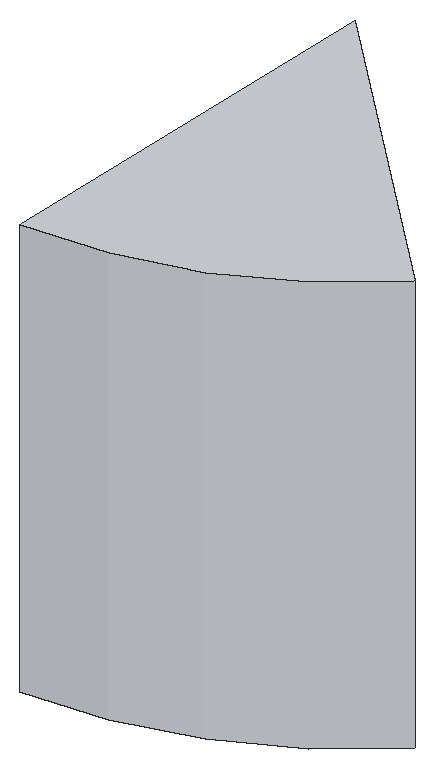
Revit family "M_Rectangular Elbow - Sharp Throat - Radius Heel", category Duct Fittings, Revit 2014
Parameters (values of type "Standard")
  Duct Width [instance] = 300 mm
  Radius [instance] = Duct Width / 2 + 0.397 mm  # 150.397 mm
  Duct Height [instance] = 300 mm
  Duct Length [instance] = Radius * tan(Angle / 2)  # 62.296 mm
  Assembly Code = ""
  Angle [instance] = 45.00°
Reference planes
  plane 1 "Center (Front/Back)": y = 0
  plane 2: z = 0
  plane 3 "Center (Left/Right)": x = 0
  plane 4: y = 150.397
  plane 5: x = 62.296
  plane 6: x = -62.296
Forms (mm)
  Sweep 1, solid, detail levels medium+fine
    path in 3D
      loop
        arc (-62.296, 0, 0) -> (-4.742, 11.448, 0) -> (44.05, 44.05, 0) r 150.397
    profile "M_Duct - Rectangular : Duct - Rectangular" origin (-4.742, 11.448, 0) x (-0.382683, 0.92388, 0) y (0, 0, 1)
      loop
        line (-150, 150) -> (-150, -150) -> (150, -150) -> (150, 150) -> (-150, 150)
Lines and regions (mm)
  model lines, detail levels coarse
    curve 1: arc (-62.296, 0, 0) -> (-4.742, 11.448, 0) -> (44.05, 44.05, 0) r 150.397
  sketch lines
    curve 2: arc (-62.296, 0, 0) -> (-4.742, 11.448, 0) -> (44.05, 44.05, 0) r 150.397
Dimensions and locks
  "Radius": plane 1 "Center (Front/Back)" to plane 4
  "Duct Length": plane 3 "Center (Left/Right)" to plane 5
  "Duct Length": plane 6 to plane 3 "Center (Left/Right)"
  "Radius": radius of curve 1
  "Angle": angle curve 1 to curve 1
  aligned and locked: plane 4 to curve 1
  aligned and locked: plane 6 to curve 1
Connectors
  hvac at (-62.296, 0, 0), driven by "Duct Height", driven by "Duct Width", driven by "Angle"
    settings: on Sweep 1, index 1, duct flow 0.0 L/s, flow factor 0, pres drop 0.0 Pa, loss coef 0, conn angle 45.00°, conn width 300 mm, conn height 300 mm, conn diameter 609.6 mm, duct sys type 28, conn prof type 1, flow config 0, flow direction 0, loss method 0, conn ref index 2, conn util no, is conn primary yes, conn desc ""
  hvac at (44.05, 44.05, 0), driven by "Angle", driven by "Duct Height", driven by "Duct Width"
    settings: on Sweep 1, index 2, duct flow 0.0 L/s, flow factor 0, pres drop 0.0 Pa, loss coef 0, conn angle 45.00°, conn width 300 mm, conn height 300 mm, conn diameter 609.6 mm, duct sys type 28, conn prof type 1, flow config 0, flow direction 0, loss method 0, conn ref index 1, conn util no, is conn primary no, conn desc ""
